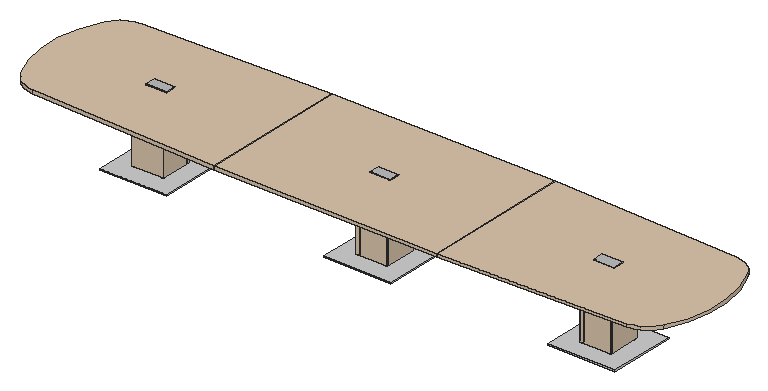
Revit family "Haworth_Planes_ColumnBaseConferenceTable_PebbleThreePiece", category Furniture Systems, Revit 2018
Family settings
  Round Connector Dimension = Use Diameter
  Part Type = Normal
  OmniClass Number = 23.40.70.14.64.21
  OmniClass Title = Systems Furniture
  Work Plane-Based = No
  Always vertical = Yes
  Cut with Voids When Loaded = No
  Shared = No
  Room Calculation Point = No
Parameters (values of type "270w 60d")
  Worksurface Finish [instance] = Haworth _ Laminate _ Maple H-AE
  Worksurface Edge Finish [instance] = Haworth _ Laminate _ Maple H-AE
  Width = 270"
  Warranty = "http://www.haworth.com/resources/product-info/warranties"
  URL - Product = "http://www.haworth.com/products/tables/conference/planes"
  Trim Finish = Haworth _ Laminate _ Maple H-AE
  Sustainability Info = "https://www.haworth.com/company-info/sustainability"
  Opening Single Wide = no
  Opening Single = not(or(Opening Single Wide, Opening Double, Opening Double Wide))  # yes
  Opening Left/Right = not(Opening Center)  # no
  Opening Double Wide = no
  Opening Double = no
  Opening Center = yes
  Model = "TARP"  # constant formula
  Min. Depth = 42"  # constant formula
  Max. Depth = 60"  # constant formula
  URL = "www.haworth.com"
  Support Height = Actual Height - Table Thickness  # 27 13/16"
  Size [instance] = "Verify Final Dim. w/ Haworth"  # constant formula
  Revision Number = "1"  # constant formula
  Min/Max Width = "186-270 @ 6 in. increments"  # constant formula
  Standard Height = "21, 29, 41 in."  # constant formula
  Min. Width = 186"  # constant formula
  Max. Width = 270"  # constant formula
  Min. Height = 21"  # constant formula
  Max. Height = 41"  # constant formula
  Manufacturer = "Haworth"  # constant formula
  Third Width = Actual Width / 6  # 45"
  Height = 29"
  Fliptop Width = Cutout Width + 1/4"  # 8 1/4"
  Fliptop Side Vis. = and(Flip Top, [Opening Left/Right])  # no
  Fliptop Depth = Cutout Depth + 3/8"  # 4 3/8"
  Fliptop Center Vis. = and(Flip Top, Opening Center)  # yes
  Flip Top Finish = Haworth _ Paint _ Metallic Champagne
  Flip Top = yes
  Description = "Haworth Planes Column Base Conference Table - Pebble Three Piece"  # constant formula
  Depth = 60"
  Cutout Width = if(or(Opening Single Wide, Opening Double Wide), 11", 8")  # 8"
  Cutout Side Offset = Actual Width / 12  # 22 1/2"
  Cutout Depth = if(or(Opening Double, Opening Double Wide), 7 11/16", 4")  # 4"
  Custom Size = not(and(or(Depth = 42", Depth = 48", Depth = 54", Depth = 60"), or(Width = 186", Width = 192", Width = 198", Width = 204", Width = 210", Width = 216", Width = 222", Width = 228", Width = 234", Width = 240", Width = 246", Width = 252", Width = 258", Width = 264", Width = 270")))  # no
  Base Finish = Haworth _ Metal _ Brushed Aluminum
  Author = "Haworth (Alias)"  # constant formula
  Assembly Code = "E2020200"
  Actual Width = if(Width > Max. Width, Max. Width, if(Width < Min. Width, Min. Width, Width))  # 270"
  Actual Height = if(Height > Max. Height, Max. Height, if(Height < Min. Height, Min. Height, Height))  # 29"
  Table Thickness = 1 3/16"  # constant formula
  Standard Depths = "42, 48, 54, 60 in."  # constant formula
  Actual Depth = if(Depth > Max. Depth, Max. Depth, if(Depth < Min. Depth, Min. Depth, Depth))  # 60"
Reference planes (in)
  plane 1 "Center F/B": y = 8.84134
  plane 2 "Floor": z = 0
  plane 3 "Center L/R": x = 0
  plane 4 "Table Edge Left": x = -135
  plane 5 "Table Edge Right": x = 135
  plane 6 "Table Edge Back": y = -21.15866
  plane 7 "Table Edge Front": y = 38.84134
  plane 8 "Table Top": z = 29
  plane 9 "masking region": z = 27
  plane 10 "Left Middle Support": x = -90
  plane 11 "Right Middle Support": x = 90
  plane 12: z = 27.8125
  plane 13 "Left Seam": x = -45
  plane 14 "Right Seam": x = 45
  plane 15 "Fliptop Left 1": x = -112.5
  plane 16 "Fliptop Left2": x = -67.5
  plane 17 "Fliptop Left 3": x = -22.5
  plane 18 "Fliptop Right 3": x = 22.5
  plane 19 "Fliptop Right 2": x = 67.5
  plane 20 "Fliptop Right 1": x = 112.5
Dimensions and locks (in)
  "Actual Depth": plane 7 "Table Edge Front" to plane 6 "Table Edge Back"
  "Actual Width": plane 4 "Table Edge Left" to plane 5 "Table Edge Right"
  "Actual Height": plane 8 "Table Top" to level
  "Table Thickness": plane 8 "Table Top" to plane 12
  equal spacing: plane 4 "Table Edge Left", plane 10 "Left Middle Support", plane 13 "Left Seam", plane 3 "Center L/R", plane 14 "Right Seam", plane 11 "Right Middle Support", plane 5 "Table Edge Right"
  equal spacing: plane 7 "Table Edge Front", plane 1 "Center F/B", plane 6 "Table Edge Back"
  "Cutout Side Offset": plane 14 "Right Seam" to plane 19 "Fliptop Right 2"
  "Cutout Side Offset": plane 18 "Fliptop Right 3" to plane 14 "Right Seam"
  "Cutout Side Offset": plane 13 "Left Seam" to plane 17 "Fliptop Left 3"
  "Cutout Side Offset": plane 16 "Fliptop Left2" to plane 13 "Left Seam"
  "Cutout Side Offset": plane 4 "Table Edge Left" to plane 15 "Fliptop Left 1"
  "Cutout Side Offset": plane 20 "Fliptop Right 1" to plane 5 "Table Edge Right"
  aligned and locked: plane 20 "Fliptop Right 1" to nested 3
  aligned and locked: plane 1 "Center F/B" to nested 3
  aligned and locked: nested 2 to plane 11 "Right Middle Support"
  aligned and locked: plane 1 "Center F/B" to nested 2
  aligned and locked: nested 4 to plane 19 "Fliptop Right 2"
  aligned and locked: plane 1 "Center F/B" to nested 4
  aligned and locked: plane 1 "Center F/B" to nested 5
  aligned and locked: plane 18 "Fliptop Right 3" to nested 5
  aligned and locked: plane 3 "Center L/R" to nested 6
  aligned and locked: plane 1 "Center F/B" to nested 6
  aligned and locked: plane 17 "Fliptop Left 3" to nested 7
  aligned and locked: plane 1 "Center F/B" to nested 7
  aligned and locked: plane 16 "Fliptop Left2" to nested 8
  aligned and locked: plane 1 "Center F/B" to nested 8
  aligned and locked: plane 10 "Left Middle Support" to nested 9
  aligned and locked: plane 1 "Center F/B" to nested 9
  aligned and locked: nested 10 to plane 15 "Fliptop Left 1"
  aligned and locked: plane 1 "Center F/B" to nested 10
  aligned and locked: nested 1 to plane 3 "Center L/R"
  aligned and locked: plane 1 "Center F/B" to nested 1
  aligned and locked: nested 1 to plane 2 "Floor"
  aligned and locked: plane 2 "Floor" to nested 11
  aligned and locked: plane 2 "Floor" to nested 13
  aligned and locked: plane 2 "Floor" to nested 12
  aligned and locked: plane 1 "Center F/B" to nested 11
  aligned and locked: nested 11 to plane 11 "Right Middle Support"
  aligned and locked: plane 3 "Center L/R" to nested 12
  aligned and locked: plane 1 "Center F/B" to nested 12
  aligned and locked: plane 10 "Left Middle Support" to nested 13
  aligned and locked: plane 1 "Center F/B" to nested 13
Nested families (in)
  nested 1: "Haworth_Planes_Worksurface_Pebble_3Piece_PART" at (0, -6.15866, 0), type "Worksurface"
  nested 2: "Haworth_Worksurface_FlipTop_Unit_Part" at (89.42963, 8.78886, 29), built-in parameter 1001364 <- "Actual Height", visible <- "Fliptop Center Vis.", type "Flip Top"
  nested 3: "Haworth_Worksurface_FlipTop_Unit_Part" at (111.92963, 8.78886, 29), built-in parameter 1001364 <- "Actual Height", visible <- "Fliptop Side Vis.", type "Flip Top"
  nested 4: "Haworth_Worksurface_FlipTop_Unit_Part" at (66.92963, 8.78886, 29), built-in parameter 1001364 <- "Actual Height", visible <- "Fliptop Side Vis.", type "Flip Top"
  nested 5: "Haworth_Worksurface_FlipTop_Unit_Part" at (21.92963, 8.78886, 29), built-in parameter 1001364 <- "Actual Height", visible <- "Fliptop Side Vis.", type "Flip Top"
  nested 6: "Haworth_Worksurface_FlipTop_Unit_Part" at (-0.57037, 8.78886, 29), built-in parameter 1001364 <- "Actual Height", visible <- "Fliptop Center Vis.", type "Flip Top"
  nested 7: "Haworth_Worksurface_FlipTop_Unit_Part" at (-23.07037, 8.78886, 29), built-in parameter 1001364 <- "Actual Height", visible <- "Fliptop Side Vis.", type "Flip Top"
  nested 8: "Haworth_Worksurface_FlipTop_Unit_Part" at (-68.07037, 8.78886, 29), built-in parameter 1001364 <- "Actual Height", visible <- "Fliptop Side Vis.", type "Flip Top"
  nested 9: "Haworth_Worksurface_FlipTop_Unit_Part" at (-90.57037, 8.78886, 29), built-in parameter 1001364 <- "Actual Height", visible <- "Fliptop Center Vis.", type "Flip Top"
  nested 10: "Haworth_Worksurface_FlipTop_Unit_Part" at (-113.07037, 8.78886, 29), built-in parameter 1001364 <- "Actual Height", visible <- "Fliptop Side Vis.", type "Flip Top"
  nested 11: "Haworth_Planes_ColumnBase_Part" at (90, 5.21634, 0), type "Square"
    with Actual Height 27 13/16"
  nested 12: "Haworth_Planes_ColumnBase_Part" at (0, 5.21634, 0), type "Square"
    with Actual Height 27 13/16"
  nested 13: "Haworth_Planes_ColumnBase_Part" at (-90, 5.21634, 0), type "Square"
    with Actual Height 27 13/16"
Definition of nested family "Haworth_Planes_Worksurface_Pebble_3Piece_PART"
  Parameters (values of type "Worksurface")
    Warranty = "https://www.haworth.com/resources/product-info/warranties"
    URL - Product = ""
    URL = "www.haworth.com"
    Thickness = 1 3/16"
    Table Finish = none
    Table Edge Finish = none
    Revision Number = ""
    Note = "Verify Final Dim. w/ Haworth"  # constant formula
    Manufacturer = "Haworth"  # constant formula
    Depth 60 = and(Actual Depth > 57", Actual Depth < 61")  # yes
    Depth 54 = and(Actual Depth > 51", Actual Depth < 58")  # no
    Depth 48 = and(Actual Depth > 45", Actual Depth < 52")  # no
    Depth 42 = and(Actual Depth > 41", Actual Depth < 46")  # no
    Cutout Width = 8"  # constant formula
    Cutout Dimension = 3"  # constant formula
    Cutout Depth = 4"  # constant formula
    Author = "Haworth (Alias)"  # constant formula
    Assembly Code = ""
    Actual Width = 270"
    Actual Height = 29"
    Actual Depth = 60"
  Reference planes (in)
    plane 1 "Center F/B": y = 15
    plane 2 "Bottom": z = 0
    plane 3 "Center L/R": x = 0
    plane 4 "Table Front": y = 45
    plane 5 "Table Right": x = 135
    plane 6 "Table Left": x = -135
    plane 7 "Table Back": y = -15
    plane 8 "Table Top": z = 29
    plane 9 "Table Bottom": z = 27.8125
    plane 10 "Cutout Top": z = 30
    plane 11 "Cutout Bottom": z = 27
    plane 12 "KnifeEdge Middle": z = 28.625
  Dimensions and locks (in)
    "Actual Depth": plane 7 "Table Back" to plane 4 "Table Front"
    "Actual Width": plane 6 "Table Left" to plane 5 "Table Right"
    equal spacing: plane 6 "Table Left", plane 3 "Center L/R", plane 5 "Table Right"
    equal spacing: plane 4 "Table Front", plane 1 "Center F/B", plane 7 "Table Back"
    "Thickness": plane 8 "Table Top" to plane 9 "Table Bottom"
    "Actual Height": plane 8 "Table Top" to level
    "Cutout Dimension": plane 10 "Cutout Top" to plane 11 "Cutout Bottom"
    plane 10 "Cutout Top" to plane 8 "Table Top" = 1"
    locked: plane 8 "Table Top" to plane 12 "KnifeEdge Middle" at 0.375
    aligned and locked: plane 3 "Center L/R" to nested 2
    aligned and locked: plane 3 "Center L/R" to nested 1
    aligned and locked: plane 3 "Center L/R" to nested 3
    aligned and locked: plane 3 "Center L/R" to nested 4
    aligned and locked: plane 1 "Center F/B" to nested 2
    aligned and locked: plane 1 "Center F/B" to nested 1
    aligned and locked: plane 1 "Center F/B" to nested 3
    aligned and locked: plane 1 "Center F/B" to nested 4
  Nested families (in)
    nested 1: "Haworth_Planes_Worksurface_Pebble54_3Pieces_Part" at (0, 0, 0), visible <- "Depth 54", type "Worksurface"
      with Width 270", Center Cutout Offset 45", Actual Width 270", 270w yes, 186w no
    nested 2: "Haworth_Planes_Worksurface_Pebble60_3Pieces_Part" at (0, 0, 0), visible <- "Depth 60", type "Worksurface"
      with Width 270", Center Cutout Offset 45", Actual Width 270", 270w yes, 186w no
    nested 3: "Haworth_Planes_Worksurface_Pebble48_3Pieces_Part" at (0, 0, 0), visible <- "Depth 48", type "Worksurface"
      with Width 270", Center Cutout Offset 45", Actual Width 270", 270w yes, 186w no
    nested 4: "Haworth_Planes_Worksurface_Pebble42_3Pieces_Part" at (0, 0, 0), visible <- "Depth 42", type "Worksurface"
      with Width 270", Center Cutout Offset 45", Actual Width 270", 270w yes, 186w no
  Definition of nested family "Haworth_Planes_Worksurface_Pebble54_3Pieces_Part"
    Parameters (values of type "Worksurface")
      Width = 180"
      Warranty = "https://www.haworth.com/resources/product-info/warranties"
      URL - Product = ""
      URL = "www.haworth.com"
      Thickness = 1 3/16"
      Table Finish = none
      Table Edge Finish = none
      Revision Number = ""
      Note = "Verify Final Dim. w/ Haworth"  # constant formula
      Min. Width = 186"  # constant formula
      Min. Depth = 54"  # constant formula
      Max. Width = 270"  # constant formula
      Max. Depth = 54"  # constant formula
      Manufacturer = "Haworth"  # constant formula
      Depth = 54"  # constant formula
      Cutout Width = 8"  # constant formula
      Cutout Dimension = 3"  # constant formula
      Cutout Depth = 4"  # constant formula
      Center Cutout Offset = Actual Width / 6  # 31"
      Author = "Haworth (Alias)"  # constant formula
      Assembly Code = ""
      Actual Width = if(Width < Min. Width, Min. Width, if(Width > Max. Width, Max. Width, Width))  # 186"
      Actual Height = 29"
      Actual Depth = if(Depth > Max. Depth, Max. Depth, if(Depth < Min. Depth, Min. Depth, Depth))  # 54"
      270w = and(267" < Actual Width, Actual Width < 271")  # no
      264w = and(261" < Actual Width, Actual Width < 268")  # no
      258w = and(255" < Actual Width, Actual Width < 262")  # no
      252w = and(249" < Actual Width, Actual Width < 256")  # no
      246w = and(243" < Actual Width, Actual Width < 250")  # no
      240w = and(237" < Actual Width, Actual Width < 244")  # no
      234w = and(231" < Actual Width, Actual Width < 238")  # no
      228w = and(225" < Actual Width, Actual Width < 232")  # no
      222w = and(219" < Actual Width, Actual Width < 226")  # no
      216w = and(213" < Actual Width, Actual Width < 220")  # no
      210w = and(207" < Actual Width, Actual Width < 214")  # no
      204w = and(201" < Actual Width, Actual Width < 208")  # no
      198w = and(195" < Actual Width, Actual Width < 202")  # no
      192w = and(189" < Actual Width, Actual Width < 196")  # no
      186w = and(185" < Actual Width, Actual Width < 190")  # yes
    Reference planes (in)
      plane 1 "Center F/B": y = 15
      plane 2 "Bottom": z = 0
      plane 3 "Center L/R": x = 0
      plane 4 "Table Top": z = 29
      plane 5 "Table Bottom": z = 27.8125
      plane 6 "Cutout Top": z = 30
      plane 7 "Cutout Bottom": z = 27
      plane 8 "KnifeEdge Middle": z = 28.625
    Forms (in)
      Extrusion 1, solid, material <- "Table Finish", visible <- "186w"
        sketch origin (-305.97381, -90.60307, 0) x (1, 0, 0) y (0, 1, 0)
          loop
            arc (226.58168, 81.28787) -> (250.82287, 79.35532) -> (275.13381, 78.76561) r 439.79367
            line (275.13381, 78.76561) -> (275.13381, 132.44053)
            arc (275.13381, 132.44053) -> (250.82287, 131.85082) -> (226.58168, 129.91827) r 439.79367
            arc (226.58168, 129.91827) -> (220.63545, 127.56442) -> (216.74271, 122.49047) r 12
            arc (216.74271, 122.49047) -> (213.45381, 105.60307) -> (216.74271, 88.71567) r 45
            arc (216.74271, 88.71567) -> (220.63545, 83.64172) -> (226.58168, 81.28787) r 12
          loop
            arc (336.81381, 78.76561) -> (361.12475, 79.35532) -> (385.36594, 81.28787) r 439.79367
            arc (385.36594, 81.28787) -> (391.31218, 83.64172) -> (395.20491, 88.71567) r 12
            arc (395.20491, 88.71567) -> (398.49381, 105.60307) -> (395.20491, 122.49047) r 45
            arc (395.20491, 122.49047) -> (391.31218, 127.56442) -> (385.36594, 129.91827) r 12
            arc (385.36594, 129.91827) -> (361.12475, 131.85082) -> (336.81381, 132.44053) r 439.79367
            line (336.81381, 132.44053) -> (336.81381, 78.76561)
        from 27.8125 to 29
      Extrusion 2, solid, material <- "Table Finish", visible <- "192w"
        sketch origin (-305.63818, -149.45142, 0) x (1, 0, 0) y (0, 1, 0)
          loop
            arc (213.4076, 181.34011) -> (210.11818, 164.45142) -> (213.4076, 147.56274) r 45
            arc (213.4076, 147.56274) -> (217.32199, 142.47272) -> (223.30033, 140.1296) r 12
            arc (223.30033, 140.1296) -> (248.51597, 138.20359) -> (273.79818, 137.61377) r 478.03208
            line (273.79818, 137.61377) -> (273.79818, 191.28908)
            arc (273.79818, 191.28908) -> (248.51597, 190.69926) -> (223.30033, 188.77325) r 478.03208
            arc (223.30033, 188.77325) -> (217.32199, 186.43013) -> (213.4076, 181.34011) r 12
          loop
            arc (337.47818, 137.61377) -> (362.76039, 138.20359) -> (387.97603, 140.1296) r 478.03208
            arc (387.97603, 140.1296) -> (393.95437, 142.47272) -> (397.86876, 147.56274) r 12
            arc (397.86876, 147.56274) -> (401.15818, 164.45142) -> (397.86876, 181.34011) r 45
            arc (397.86876, 181.34011) -> (393.95437, 186.43013) -> (387.97603, 188.77325) r 12
            arc (387.97603, 188.77325) -> (362.76039, 190.69926) -> (337.47818, 191.28908) r 478.03208
            line (337.47818, 191.28908) -> (337.47818, 137.61377)
        from 27.8125 to 29
      Extrusion 3, solid, material <- "Table Finish", visible <- "198w"
        sketch origin (-305.63818, -205.71285, 0) x (1, 0, 0) y (0, 1, 0)
          loop
            arc (210.40796, 237.60241) -> (207.11818, 220.71285) -> (210.40796, 203.82329) r 45
            arc (210.40796, 203.82329) -> (214.34224, 198.71852) -> (220.35005, 196.38539) r 12
            arc (220.35005, 196.38539) -> (246.54228, 194.46504) -> (272.79818, 193.87501) r 517.86972
            line (272.79818, 193.87501) -> (272.79818, 247.55069)
            arc (272.79818, 247.55069) -> (246.54228, 246.96066) -> (220.35005, 245.04031) r 517.86972
            arc (220.35005, 245.04031) -> (214.34224, 242.70719) -> (210.40796, 237.60241) r 12
          loop
            arc (338.47818, 193.87501) -> (364.73408, 194.46504) -> (390.92631, 196.38539) r 517.86972
            arc (390.92631, 196.38539) -> (396.93412, 198.71852) -> (400.8684, 203.82329) r 12
            arc (400.8684, 203.82329) -> (404.15818, 220.71285) -> (400.8684, 237.60241) r 45
            arc (400.8684, 237.60241) -> (396.93412, 242.70719) -> (390.92631, 245.04031) r 12
            arc (390.92631, 245.04031) -> (364.73408, 246.96066) -> (338.47818, 247.55069) r 517.86972
            line (338.47818, 247.55069) -> (338.47818, 193.87501)
        from 27.8125 to 29
      Extrusion 4, solid, material <- "Table Finish", visible <- "204w"
        sketch origin (-304.79798, -262.814, 0) x (1, 0, 0) y (0, 1, 0)
          loop
            arc (206.56798, 294.70412) -> (203.27798, 277.814) -> (206.56798, 260.92388) r 45
            arc (206.56798, 260.92388) -> (210.5206, 255.80552) -> (216.55557, 253.48172) r 12
            arc (216.55557, 253.48172) -> (243.72626, 251.56632) -> (270.95798, 250.97601) r 559.30658
            line (270.95798, 250.97601) -> (270.95798, 304.65199)
            arc (270.95798, 304.65199) -> (243.72626, 304.06168) -> (216.55557, 302.14628) r 559.30658
            arc (216.55557, 302.14628) -> (210.5206, 299.82248) -> (206.56798, 294.70412) r 12
          loop
            arc (338.63798, 250.97601) -> (365.86969, 251.56632) -> (393.04038, 253.48172) r 559.30658
            arc (393.04038, 253.48172) -> (399.07535, 255.80552) -> (403.02797, 260.92388) r 12
            arc (403.02797, 260.92388) -> (406.31798, 277.814) -> (403.02797, 294.70412) r 45
            arc (403.02797, 294.70412) -> (399.07535, 299.82248) -> (393.04038, 302.14628) r 12
            arc (393.04038, 302.14628) -> (365.86969, 304.06168) -> (338.63798, 304.65199) r 559.30658
            line (338.63798, 304.65199) -> (338.63798, 250.97601)
        from 27.8125 to 29
      Extrusion 5, solid, material <- "Table Finish", visible <- "210w"
        sketch origin (-304.79798, -318.65556, 0) x (1, 0, 0) y (0, 1, 0)
          loop
            arc (203.5681, 350.54598) -> (200.27798, 333.65556) -> (203.5681, 316.76515) r 45
            arc (203.5681, 316.76515) -> (207.5377, 311.63421) -> (213.59778, 309.31913) r 12
            arc (213.59778, 309.31913) -> (241.74857, 307.40808) -> (269.95798, 306.81743) r 602.34267
            line (269.95798, 306.81743) -> (269.95798, 360.4937)
            arc (269.95798, 360.4937) -> (241.74857, 359.90305) -> (213.59778, 357.99199) r 602.34267
            arc (213.59778, 357.99199) -> (207.5377, 355.67691) -> (203.5681, 350.54598) r 12
          loop
            arc (339.63798, 306.81743) -> (367.84738, 307.40808) -> (395.99818, 309.31913) r 602.34267
            arc (395.99818, 309.31913) -> (402.05826, 311.63421) -> (406.02785, 316.76515) r 12
            arc (406.02785, 316.76515) -> (409.31798, 333.65556) -> (406.02785, 350.54598) r 45
            arc (406.02785, 350.54598) -> (402.05826, 355.67691) -> (395.99818, 357.99199) r 12
            arc (395.99818, 357.99199) -> (367.84738, 359.90305) -> (339.63798, 360.4937) r 602.34267
            line (339.63798, 360.4937) -> (339.63798, 306.81743)
        from 27.8125 to 29
      Extrusion 6, solid, material <- "Table Finish", visible <- "216w"
        sketch origin (-304.80652, -375, 0) x (1, 0, 0) y (0, 1, 0)
          loop
            arc (200.57668, 406.45979) -> (197.28652, 389.56928) -> (200.57668, 372.67878) r 45
            arc (200.57668, 372.67878) -> (204.56202, 367.53619) -> (210.6454, 365.22928) r 12
            arc (210.6454, 365.22928) -> (239.77777, 363.32205) -> (268.96652, 362.73102) r 646.97799
            line (268.96652, 362.73102) -> (268.96652, 416.40754)
            arc (268.96652, 416.40754) -> (239.77777, 415.81651) -> (210.6454, 413.90928) r 646.97799
            arc (210.6454, 413.90928) -> (204.56202, 411.60238) -> (200.57668, 406.45979) r 12
          loop
            arc (340.64652, 362.73102) -> (369.83527, 363.32205) -> (398.96764, 365.22928) r 646.97799
            arc (398.96764, 365.22928) -> (405.05101, 367.53619) -> (409.03636, 372.67878) r 12
            arc (409.03636, 372.67878) -> (412.32652, 389.56928) -> (409.03636, 406.45979) r 45
            arc (409.03636, 406.45979) -> (405.05101, 411.60238) -> (398.96764, 413.90928) r 12
            arc (398.96764, 413.90928) -> (369.83527, 415.81651) -> (340.64652, 416.40754) r 646.97799
            line (340.64652, 416.40754) -> (340.64652, 362.73102)
        from 27.8125 to 29
      Extrusion 7, solid, material <- "Table Finish", visible <- "222w"
        sketch origin (-303.79135, -430.76939, 0) x (1, 0, 0) y (0, 1, 0)
          loop
            arc (196.56148, 462.65981) -> (193.27135, 445.76939) -> (196.56148, 428.87896) r 45
            arc (196.56148, 428.87896) -> (200.56149, 423.72553) -> (206.66652, 421.4263) r 12
            arc (206.66652, 421.4263) -> (236.78178, 419.52245) -> (266.95135, 418.93101) r 693.21253
            line (266.95135, 418.93101) -> (266.95135, 472.60776)
            arc (266.95135, 472.60776) -> (236.78178, 472.01632) -> (206.66652, 470.11248) r 693.21253
            arc (206.66652, 470.11248) -> (200.56149, 467.81325) -> (196.56148, 462.65981) r 12
          loop
            arc (340.63135, 418.93101) -> (370.80093, 419.52245) -> (400.91618, 421.4263) r 693.21253
            arc (400.91618, 421.4263) -> (407.02122, 423.72553) -> (411.02123, 428.87896) r 12
            arc (411.02123, 428.87896) -> (414.31135, 445.76939) -> (411.02123, 462.65981) r 45
            arc (411.02123, 462.65981) -> (407.02122, 467.81325) -> (400.91618, 470.11248) r 12
            arc (400.91618, 470.11248) -> (370.80093, 472.01632) -> (340.63135, 472.60776) r 693.21253
            line (340.63135, 472.60776) -> (340.63135, 418.93101)
        from 27.8125 to 29
      Extrusion 8, solid, material <- "Table Finish", visible <- "228w"
        sketch origin (-303.59217, -487.22586, 0) x (1, 0, 0) y (0, 1, 0)
          loop
            arc (193.36221, 519.11607) -> (190.07217, 502.22586) -> (193.36221, 485.33564) r 45
            arc (193.36221, 485.33564) -> (197.3759, 480.1721) -> (203.50114, 477.88009) r 12
            arc (203.50114, 477.88009) -> (234.60045, 475.97925) -> (265.75217, 475.38738) r 741.0463
            line (265.75217, 475.38738) -> (265.75217, 529.06434)
            arc (265.75217, 529.06434) -> (234.60045, 528.47246) -> (203.50114, 526.57163) r 741.0463
            arc (203.50114, 526.57163) -> (197.3759, 524.27962) -> (193.36221, 519.11607) r 12
          loop
            arc (341.43217, 475.38738) -> (372.58389, 475.97925) -> (403.6832, 477.88009) r 741.0463
            arc (403.6832, 477.88009) -> (409.80844, 480.1721) -> (413.82213, 485.33564) r 12
            arc (413.82213, 485.33564) -> (417.11217, 502.22586) -> (413.82213, 519.11607) r 45
            arc (413.82213, 519.11607) -> (409.80844, 524.27962) -> (403.6832, 526.57163) r 12
            arc (403.6832, 526.57163) -> (372.58389, 528.47246) -> (341.43217, 529.06434) r 741.0463
            line (341.43217, 529.06434) -> (341.43217, 475.38738)
        from 27.8125 to 29
      Extrusion 9, solid, material <- "Table Finish", visible <- "234w"
        sketch origin (-302.7499, -543.20476, 0) x (1, 0, 0) y (0, 1, 0)
          loop
            arc (189.51981, 575.09466) -> (186.2299, 558.20476) -> (189.51981, 541.31486) r 45
            arc (189.51981, 541.31486) -> (193.54629, 536.14186) -> (199.69042, 533.85667) r 12
            arc (199.69042, 533.85667) -> (231.77484, 531.95851) -> (263.9099, 531.36619) r 790.4793
            line (263.9099, 531.36619) -> (263.9099, 585.04333)
            arc (263.9099, 585.04333) -> (231.77484, 584.45101) -> (199.69042, 582.55286) r 790.4793
            arc (199.69042, 582.55286) -> (193.54629, 580.26766) -> (189.51981, 575.09466) r 12
          loop
            arc (341.5899, 531.36619) -> (373.72496, 531.95851) -> (405.80938, 533.85667) r 790.4793
            arc (405.80938, 533.85667) -> (411.95351, 536.14186) -> (415.97998, 541.31486) r 12
            arc (415.97998, 541.31486) -> (419.2699, 558.20476) -> (415.97998, 575.09466) r 45
            arc (415.97998, 575.09466) -> (411.95351, 580.26766) -> (405.80938, 582.55286) r 12
            arc (405.80938, 582.55286) -> (373.72496, 584.45101) -> (341.5899, 585.04333) r 790.4793
            line (341.5899, 585.04333) -> (341.5899, 531.36619)
        from 27.8125 to 29
      Extrusion 10, solid, material <- "Table Finish", visible <- "240w"
        sketch origin (-303.14346, -599.15381, 0) x (1, 0, 0) y (0, 1, 0)
          loop
            arc (186.91321, 631.0433) -> (183.62346, 614.15381) -> (186.91321, 597.26432) r 45
            arc (186.91321, 597.26432) -> (190.95169, 592.08246) -> (197.11352, 589.80369) r 12
            arc (197.11352, 589.80369) -> (230.184, 587.90793) -> (263.30346, 587.31515) r 841.51153
            line (263.30346, 587.31515) -> (263.30346, 640.99247)
            arc (263.30346, 640.99247) -> (230.184, 640.39969) -> (197.11352, 638.50393) r 841.51153
            arc (197.11352, 638.50393) -> (190.95169, 636.22516) -> (186.91321, 631.0433) r 12
          loop
            arc (342.98346, 587.31515) -> (376.10293, 587.90793) -> (409.17341, 589.80369) r 841.51153
            arc (409.17341, 589.80369) -> (415.33524, 592.08246) -> (419.37371, 597.26432) r 12
            arc (419.37371, 597.26432) -> (422.66346, 614.15381) -> (419.37371, 631.0433) r 45
            arc (419.37371, 631.0433) -> (415.33524, 636.22516) -> (409.17341, 638.50393) r 12
            arc (409.17341, 638.50393) -> (376.10293, 640.39969) -> (342.98346, 640.99247) r 841.51153
            line (342.98346, 640.99247) -> (342.98346, 587.31515)
        from 27.8125 to 29
      Extrusion 11, solid, material <- "Table Finish", visible <- "246w"
        sketch origin (-302.15763, -660.53693, 0) x (1, 0, 0) y (0, 1, 0)
          loop
            arc (182.92719, 692.42595) -> (179.63763, 675.53693) -> (182.92719, 658.64791) r 45
            arc (182.92719, 658.64791) -> (186.97693, 653.45773) -> (193.15538, 651.18504) r 12
            arc (193.15538, 651.18504) -> (227.21279, 649.29143) -> (261.31763, 648.6982) r 894.14298
            line (261.31763, 648.6982) -> (261.31763, 702.37567)
            arc (261.31763, 702.37567) -> (227.21279, 701.78243) -> (193.15538, 699.88882) r 894.14298
            arc (193.15538, 699.88882) -> (186.97693, 697.61613) -> (182.92719, 692.42595) r 12
          loop
            arc (342.99763, 648.6982) -> (377.10248, 649.29143) -> (411.15988, 651.18504) r 894.14298
            arc (411.15988, 651.18504) -> (417.33833, 653.45773) -> (421.38807, 658.64791) r 12
            arc (421.38807, 658.64791) -> (424.67763, 675.53693) -> (421.38807, 692.42595) r 45
            arc (421.38807, 692.42595) -> (417.33833, 697.61613) -> (411.15988, 699.88882) r 12
            arc (411.15988, 699.88882) -> (377.10248, 701.78243) -> (342.99763, 702.37567) r 894.14298
            line (342.99763, 702.37567) -> (342.99763, 648.6982)
        from 27.8125 to 29
      Extrusion 12, solid, material <- "Table Finish", visible <- "252w"
        sketch origin (-303.51172, -719.4057, 0) x (1, 0, 0) y (0, 1, 0)
          loop
            arc (181.28106, 751.29419) -> (177.99172, 734.4057) -> (181.28106, 717.5172) r 45
            arc (181.28106, 717.5172) -> (185.34141, 712.31919) -> (191.5355, 710.05226) r 12
            arc (191.5355, 710.05226) -> (226.58061, 708.16059) -> (261.67172, 707.56689) r 948.37366
            line (261.67172, 707.56689) -> (261.67172, 761.2445)
            arc (261.67172, 761.2445) -> (226.58061, 760.6508) -> (191.5355, 758.75913) r 948.37366
            arc (191.5355, 758.75913) -> (185.34141, 756.4922) -> (181.28106, 751.29419) r 12
          loop
            arc (345.35172, 707.56689) -> (380.44282, 708.16059) -> (415.48793, 710.05226) r 948.37366
            arc (415.48793, 710.05226) -> (421.68202, 712.31919) -> (425.74237, 717.5172) r 12
            arc (425.74237, 717.5172) -> (429.03172, 734.4057) -> (425.74237, 751.29419) r 45
            arc (425.74237, 751.29419) -> (421.68202, 756.4922) -> (415.48793, 758.75913) r 12
            arc (415.48793, 758.75913) -> (380.44282, 760.6508) -> (345.35172, 761.2445) r 948.37366
            line (345.35172, 761.2445) -> (345.35172, 707.56689)
        from 27.8125 to 29
      Extrusion 13, solid, material <- "Table Finish", visible <- "258w"
        sketch origin (-301.48059, -778.27446, 0) x (1, 0, 0) y (0, 1, 0)
          loop
            arc (176.24971, 810.16239) -> (172.96059, 793.27446) -> (176.24971, 776.38654) r 45
            arc (176.24971, 776.38654) -> (180.32006, 771.18115) -> (186.52889, 768.91968) r 12
            arc (186.52889, 768.91968) -> (222.56242, 767.02975) -> (258.64059, 766.43559) r 1004.20356
            line (258.64059, 766.43559) -> (258.64059, 820.11333)
            arc (258.64059, 820.11333) -> (222.56242, 819.51917) -> (186.52889, 817.62925) r 1004.20356
            arc (186.52889, 817.62925) -> (180.32006, 815.36778) -> (176.24971, 810.16239) r 12
          loop
            arc (344.32059, 766.43559) -> (380.39876, 767.02975) -> (416.43229, 768.91968) r 1004.20356
            arc (416.43229, 768.91968) -> (422.64113, 771.18115) -> (426.71148, 776.38654) r 12
            arc (426.71148, 776.38654) -> (430.00059, 793.27446) -> (426.71148, 810.16239) r 45
            arc (426.71148, 810.16239) -> (422.64113, 815.36778) -> (416.43229, 817.62925) r 12
            arc (416.43229, 817.62925) -> (380.39876, 819.51917) -> (344.32059, 820.11333) r 1004.20356
            line (344.32059, 820.11333) -> (344.32059, 766.43559)
        from 27.8125 to 29
      Extrusion 14, solid, material <- "Table Finish", visible <- "264w"
        sketch origin (-300.95179, -836.17506, 0) x (1, 0, 0) y (0, 1, 0)
          loop
            arc (172.72066, 868.06239) -> (169.43179, 851.17506) -> (172.72066, 834.28773) r 45
            arc (172.72066, 834.28773) -> (176.80046, 829.07537) -> (183.02321, 826.8191) r 12
            arc (183.02321, 826.8191) -> (220.04582, 824.93075) -> (257.11179, 824.33613) r 1061.63269
            line (257.11179, 824.33613) -> (257.11179, 878.01399)
            arc (257.11179, 878.01399) -> (220.04582, 877.41937) -> (183.02321, 875.53102) r 1061.63269
            arc (183.02321, 875.53102) -> (176.80046, 873.27474) -> (172.72066, 868.06239) r 12
          loop
            arc (344.79179, 824.33613) -> (381.85775, 824.93075) -> (418.88036, 826.8191) r 1061.63269
            arc (418.88036, 826.8191) -> (425.10312, 829.07537) -> (429.18291, 834.28773) r 12
            arc (429.18291, 834.28773) -> (432.47179, 851.17506) -> (429.18291, 868.06239) r 45
            arc (429.18291, 868.06239) -> (425.10312, 873.27474) -> (418.88036, 875.53102) r 12
            arc (418.88036, 875.53102) -> (381.85775, 877.41937) -> (344.79179, 878.01399) r 1061.63269
            line (344.79179, 878.01399) -> (344.79179, 824.33613)
        from 27.8125 to 29
      Extrusion 15, solid, material <- "Table Finish", visible <- "270w"
        sketch origin (-300.83545, -897.80155, 0) x (1, 0, 0) y (0, 1, 0)
          loop
            arc (169.60407, 929.68825) -> (166.31545, 912.80155) -> (169.60407, 895.91485) r 45
            arc (169.60407, 895.91485) -> (173.69281, 890.6959) -> (179.92873, 888.44456) r 12
            arc (179.92873, 888.44456) -> (217.94102, 886.55764) -> (255.99545, 885.96256) r 1120.66105
            line (255.99545, 885.96256) -> (255.99545, 939.64053)
            arc (255.99545, 939.64053) -> (217.94102, 939.04546) -> (179.92873, 937.15854) r 1120.66105
            arc (179.92873, 937.15854) -> (173.69281, 934.9072) -> (169.60407, 929.68825) r 12
          loop
            arc (345.67545, 885.96256) -> (383.72989, 886.55764) -> (421.74218, 888.44456) r 1120.66105
            arc (421.74218, 888.44456) -> (427.9781, 890.6959) -> (432.06683, 895.91485) r 12
            arc (432.06683, 895.91485) -> (435.35545, 912.80155) -> (432.06683, 929.68825) r 45
            arc (432.06683, 929.68825) -> (427.9781, 934.9072) -> (421.74218, 937.15854) r 12
            arc (421.74218, 937.15854) -> (383.72989, 939.04546) -> (345.67545, 939.64053) r 1120.66105
            line (345.67545, 939.64053) -> (345.67545, 885.96256)
        from 27.8125 to 29
      Extrusion 16, solid, material <- "Table Finish", visible <- "186w"
        sketch origin (-305.97381, -90.60307, 0) x (1, 0, 0) y (0, 1, 0)
          loop
            line (275.13381, 132.44053) -> (275.13381, 78.76561) -> (336.81381, 78.76561) -> (336.81381, 132.44053) -> (275.13381, 132.44053)
        from 27.8125 to 29
      Extrusion 17, solid, material <- "Table Finish", visible <- "192w"
        sketch origin (-305.63818, -149.45142, 0) x (1, 0, 0) y (0, 1, 0)
          loop
            line (273.79818, 191.28908) -> (273.79818, 137.61377) -> (337.47818, 137.61377) -> (337.47818, 191.28908) -> (273.79818, 191.28908)
        from 27.8125 to 29
      Extrusion 18, solid, material <- "Table Finish", visible <- "198w"
        sketch origin (-305.63818, -205.71285, 0) x (1, 0, 0) y (0, 1, 0)
          loop
            line (272.79818, 247.55069) -> (272.79818, 193.87501) -> (338.47818, 193.87501) -> (338.47818, 247.55069) -> (272.79818, 247.55069)
        from 27.8125 to 29
      Extrusion 19, solid, material <- "Table Finish", visible <- "204w"
        sketch origin (-304.79798, -262.814, 0) x (1, 0, 0) y (0, 1, 0)
          loop
            line (270.95798, 304.65199) -> (270.95798, 250.97601) -> (338.63798, 250.97601) -> (338.63798, 304.65199) -> (270.95798, 304.65199)
        from 27.8125 to 29
      Extrusion 20, solid, material <- "Table Finish", visible <- "210w"
        sketch origin (-304.79798, -318.65556, 0) x (1, 0, 0) y (0, 1, 0)
          loop
            line (269.95798, 360.4937) -> (269.95798, 306.81743) -> (339.63798, 306.81743) -> (339.63798, 360.4937) -> (269.95798, 360.4937)
        from 27.8125 to 29
      Extrusion 21, solid, material <- "Table Finish", visible <- "216w"
        sketch origin (-304.80652, -375, 0) x (1, 0, 0) y (0, 1, 0)
          loop
            line (268.96652, 416.40754) -> (268.96652, 362.73102) -> (340.64652, 362.73102) -> (340.64652, 416.40754) -> (268.96652, 416.40754)
        from 27.8125 to 29
      Extrusion 22, solid, material <- "Table Finish", visible <- "222w"
        sketch origin (-303.79135, -430.76939, 0) x (1, 0, 0) y (0, 1, 0)
          loop
            line (266.95135, 472.60776) -> (266.95135, 418.93101) -> (340.63135, 418.93101) -> (340.63135, 472.60776) -> (266.95135, 472.60776)
        from 27.8125 to 29
      Extrusion 23, solid, material <- "Table Finish", visible <- "228w"
        sketch origin (-303.59217, -487.22586, 0) x (1, 0, 0) y (0, 1, 0)
          loop
            line (265.75217, 529.06434) -> (265.75217, 475.38738) -> (341.43217, 475.38738) -> (341.43217, 529.06434) -> (265.75217, 529.06434)
        from 27.8125 to 29
      Extrusion 24, solid, material <- "Table Finish", visible <- "234w"
        sketch origin (-302.7499, -543.20476, 0) x (1, 0, 0) y (0, 1, 0)
          loop
            line (263.9099, 585.04333) -> (263.9099, 531.36619) -> (341.5899, 531.36619) -> (341.5899, 585.04333) -> (263.9099, 585.04333)
        from 27.8125 to 29
      Extrusion 25, solid, material <- "Table Finish", visible <- "240w"
        sketch origin (-303.14346, -599.15381, 0) x (1, 0, 0) y (0, 1, 0)
          loop
            line (263.30346, 640.99247) -> (263.30346, 587.31515) -> (342.98346, 587.31515) -> (342.98346, 640.99247) -> (263.30346, 640.99247)
        from 27.8125 to 29
      Extrusion 26, solid, material <- "Table Finish", visible <- "246w"
        sketch origin (-302.15763, -660.53693, 0) x (1, 0, 0) y (0, 1, 0)
          loop
            line (261.31763, 702.37567) -> (261.31763, 648.6982) -> (342.99763, 648.6982) -> (342.99763, 702.37567) -> (261.31763, 702.37567)
        from 27.8125 to 29
      Extrusion 27, solid, material <- "Table Finish", visible <- "252w"
        sketch origin (-303.51172, -719.4057, 0) x (1, 0, 0) y (0, 1, 0)
          loop
            line (261.67172, 761.2445) -> (261.67172, 707.56689) -> (345.35172, 707.56689) -> (345.35172, 761.2445) -> (261.67172, 761.2445)
        from 27.8125 to 29
      Extrusion 28, solid, material <- "Table Finish", visible <- "258w"
        sketch origin (-301.48059, -778.27446, 0) x (1, 0, 0) y (0, 1, 0)
          loop
            line (258.64059, 820.11333) -> (258.64059, 766.43559) -> (344.32059, 766.43559) -> (344.32059, 820.11333) -> (258.64059, 820.11333)
        from 27.8125 to 29
      Extrusion 29, solid, material <- "Table Finish", visible <- "264w"
        sketch origin (-300.95179, -836.17506, 0) x (1, 0, 0) y (0, 1, 0)
          loop
            line (257.11179, 878.01399) -> (257.11179, 824.33613) -> (344.79179, 824.33613) -> (344.79179, 878.01399) -> (257.11179, 878.01399)
        from 27.8125 to 29
      Extrusion 30, solid, material <- "Table Finish", visible <- "270w"
        sketch origin (-300.83545, -897.80155, 0) x (1, 0, 0) y (0, 1, 0)
          loop
            line (255.99545, 939.64053) -> (255.99545, 885.96256) -> (345.67545, 885.96256) -> (345.67545, 939.64053) -> (255.99545, 939.64053)
        from 27.8125 to 29
    Lines and regions (in)
      Masking region 1, visible <- "186w"
        outline origin (-305.97381, -90.60307, 0) x (1, 0, 0) y (0, 1, 0)
          loop
            arc (226.81269, 81.26307) -> (250.18991, 79.38866) -> (273.63381, 78.76307) r 439.79367
            line (273.63381, 78.76307) -> (338.31381, 78.76307)
            arc (338.31381, 78.76307) -> (361.75771, 79.38866) -> (385.13493, 81.26307) r 439.79367
            arc (385.13493, 81.26307) -> (391.2183, 83.56998) -> (395.20365, 88.71256) r 12
            arc (395.20365, 88.71256) -> (398.49381, 105.60307) -> (395.20365, 122.49357) r 45
            arc (395.20365, 122.49357) -> (391.2183, 127.63616) -> (385.13493, 129.94307) r 12
            arc (385.13493, 129.94307) -> (361.75772, 131.81748) -> (338.31382, 132.44307) r 439.79367
            line (338.31382, 132.44307) -> (273.6338, 132.44307)
            arc (273.6338, 132.44307) -> (250.18991, 131.81748) -> (226.81269, 129.94307) r 439.79367
            arc (226.81269, 129.94307) -> (220.72932, 127.63616) -> (216.74397, 122.49357) r 12
            arc (216.74397, 122.49357) -> (213.45381, 105.60307) -> (216.74397, 88.71256) r 45
            arc (216.74397, 88.71256) -> (220.72932, 83.56998) -> (226.81269, 81.26307) r 12
      Masking region 2, visible <- "192w"
        outline origin (-305.63818, -149.45142, 0) x (1, 0, 0) y (0, 1, 0)
          loop
            arc (213.40834, 181.34193) -> (210.11818, 164.45142) -> (213.40834, 147.56092) r 45
            arc (213.40834, 147.56092) -> (217.39369, 142.41833) -> (223.47706, 140.11142) r 12
            arc (223.47706, 140.11142) -> (247.85564, 138.23694) -> (272.29818, 137.61142) r 478.03208
            line (272.29818, 137.61142) -> (338.97818, 137.61142)
            arc (338.97818, 137.61142) -> (363.42072, 138.23694) -> (387.7993, 140.11142) r 478.03208
            arc (387.7993, 140.11142) -> (393.88267, 142.41833) -> (397.86802, 147.56092) r 12
            arc (397.86802, 147.56092) -> (401.15818, 164.45142) -> (397.86802, 181.34193) r 45
            arc (397.86802, 181.34193) -> (393.88267, 186.48452) -> (387.7993, 188.79142) r 12
            arc (387.7993, 188.79142) -> (363.42073, 190.66591) -> (338.97819, 191.29142) r 478.03208
            line (338.97819, 191.29142) -> (272.29817, 191.29142)
            arc (272.29817, 191.29142) -> (247.85564, 190.66591) -> (223.47706, 188.79142) r 478.03208
            arc (223.47706, 188.79142) -> (217.39369, 186.48452) -> (213.40834, 181.34193) r 12
      Masking region 3, visible <- "198w"
        outline origin (-305.63818, -205.71285, 0) x (1, 0, 0) y (0, 1, 0)
          loop
            arc (210.40834, 237.60335) -> (207.11818, 220.71285) -> (210.40834, 203.82235) r 45
            arc (210.40834, 203.82235) -> (214.39369, 198.67976) -> (220.47706, 196.37285) r 12
            arc (220.47706, 196.37285) -> (245.85843, 194.49823) -> (271.30125, 193.87285) r 517.86972
            line (271.30125, 193.87285) -> (339.97511, 193.87285)
            arc (339.97511, 193.87285) -> (365.41793, 194.49823) -> (390.7993, 196.37285) r 517.86972
            arc (390.7993, 196.37285) -> (396.88267, 198.67976) -> (400.86802, 203.82235) r 12
            arc (400.86802, 203.82235) -> (404.15818, 220.71285) -> (400.86802, 237.60335) r 45
            arc (400.86802, 237.60335) -> (396.88267, 242.74594) -> (390.7993, 245.05285) r 12
            arc (390.7993, 245.05285) -> (365.41793, 246.92747) -> (339.97511, 247.55285) r 517.86972
            line (339.97511, 247.55285) -> (271.30125, 247.55285)
            arc (271.30125, 247.55285) -> (245.85843, 246.92747) -> (220.47706, 245.05285) r 517.86972
            arc (220.47706, 245.05285) -> (214.39369, 242.74594) -> (210.40834, 237.60335) r 12
      Masking region 4, visible <- "204w"
        outline origin (-304.79798, -262.814, 0) x (1, 0, 0) y (0, 1, 0)
          loop
            arc (206.56813, 294.7045) -> (203.27798, 277.814) -> (206.56813, 260.9235) r 45
            arc (206.56813, 260.9235) -> (210.55348, 255.78091) -> (216.63685, 253.474) r 12
            arc (216.63685, 253.474) -> (243.01885, 251.59935) -> (269.45998, 250.974) r 559.30658
            line (269.45998, 250.974) -> (340.13597, 250.974)
            arc (340.13597, 250.974) -> (366.5771, 251.59935) -> (392.9591, 253.474) r 559.30658
            arc (392.9591, 253.474) -> (399.04247, 255.78091) -> (403.02782, 260.9235) r 12
            arc (403.02782, 260.9235) -> (406.31798, 277.814) -> (403.02782, 294.7045) r 45
            arc (403.02782, 294.7045) -> (399.04247, 299.84709) -> (392.9591, 302.154) r 12
            arc (392.9591, 302.154) -> (366.5771, 304.02865) -> (340.13597, 304.654) r 559.30658
            line (340.13597, 304.654) -> (269.45998, 304.654)
            arc (269.45998, 304.654) -> (243.01885, 304.02865) -> (216.63685, 302.154) r 559.30658
            arc (216.63685, 302.154) -> (210.55348, 299.84709) -> (206.56813, 294.7045) r 12
      Masking region 5, visible <- "210w"
        outline origin (-304.79798, -318.65556, 0) x (1, 0, 0) y (0, 1, 0)
          loop
            arc (203.56813, 350.54607) -> (200.27798, 333.65556) -> (203.56813, 316.76506) r 45
            arc (203.56813, 316.76506) -> (207.55348, 311.62247) -> (213.63685, 309.31556) r 12
            arc (213.63685, 309.31556) -> (241.01942, 307.44089) -> (268.45896, 306.81556) r 602.34267
            line (268.45896, 306.81556) -> (341.13699, 306.81556)
            arc (341.13699, 306.81556) -> (368.57653, 307.44089) -> (395.9591, 309.31556) r 602.34267
            arc (395.9591, 309.31556) -> (402.04247, 311.62247) -> (406.02782, 316.76506) r 12
            arc (406.02782, 316.76506) -> (409.31798, 333.65556) -> (406.02782, 350.54607) r 45
            arc (406.02782, 350.54607) -> (402.04247, 355.68866) -> (395.9591, 357.99556) r 12
            arc (395.9591, 357.99556) -> (368.57653, 359.87024) -> (341.13699, 360.49556) r 602.34267
            line (341.13699, 360.49556) -> (268.45896, 360.49556)
            arc (268.45896, 360.49556) -> (241.01942, 359.87024) -> (213.63685, 357.99556) r 602.34267
            arc (213.63685, 357.99556) -> (207.55348, 355.68866) -> (203.56813, 350.54607) r 12
      Masking region 6, visible <- "216w"
        outline origin (-304.80652, -375, 0) x (1, 0, 0) y (0, 1, 0)
          loop
            arc (200.57668, 406.45979) -> (197.28652, 389.56928) -> (200.57668, 372.67878) r 45
            arc (200.57668, 372.67878) -> (204.56202, 367.53619) -> (210.6454, 365.22928) r 12
            arc (210.6454, 365.22928) -> (239.02847, 363.35458) -> (267.46652, 362.72928) r 646.97799
            line (267.46652, 362.72928) -> (342.14652, 362.72928)
            arc (342.14652, 362.72928) -> (370.58456, 363.35458) -> (398.96764, 365.22928) r 646.97799
            arc (398.96764, 365.22928) -> (405.05101, 367.53619) -> (409.03636, 372.67878) r 12
            arc (409.03636, 372.67878) -> (412.32652, 389.56928) -> (409.03636, 406.45979) r 45
            arc (409.03636, 406.45979) -> (405.05101, 411.60238) -> (398.96764, 413.90928) r 12
            arc (398.96764, 413.90928) -> (370.58456, 415.78398) -> (342.14652, 416.40928) r 646.97799
            line (342.14652, 416.40928) -> (267.46652, 416.40928)
            arc (267.46652, 416.40928) -> (239.02847, 415.78398) -> (210.6454, 413.90928) r 646.97799
            arc (210.6454, 413.90928) -> (204.56202, 411.60238) -> (200.57668, 406.45979) r 12
      Masking region 7, visible <- "222w"
        outline origin (-303.79135, -430.76939, 0) x (1, 0, 0) y (0, 1, 0)
          loop
            arc (196.56151, 462.65989) -> (193.27135, 445.76939) -> (196.56151, 428.87888) r 45
            arc (196.56151, 428.87888) -> (200.54686, 423.73629) -> (206.63023, 421.42939) r 12
            arc (206.63023, 421.42939) -> (236.01376, 419.55467) -> (265.4504, 418.92939) r 693.21253
            line (265.4504, 418.92939) -> (342.1323, 418.92939)
            arc (342.1323, 418.92939) -> (371.56894, 419.55467) -> (400.95248, 421.42939) r 693.21253
            arc (400.95248, 421.42939) -> (407.03585, 423.73629) -> (411.02119, 428.87888) r 12
            arc (411.02119, 428.87888) -> (414.31135, 445.76939) -> (411.02119, 462.65989) r 45
            arc (411.02119, 462.65989) -> (407.03585, 467.80248) -> (400.95248, 470.10939) r 12
            arc (400.95248, 470.10939) -> (371.56894, 471.98411) -> (342.1323, 472.60939) r 693.21253
            line (342.1323, 472.60939) -> (265.4504, 472.60939)
            arc (265.4504, 472.60939) -> (236.01376, 471.98411) -> (206.63023, 470.10939) r 693.21253
            arc (206.63023, 470.10939) -> (200.54686, 467.80248) -> (196.56151, 462.65989) r 12
      Masking region 8, visible <- "228w"
        outline origin (-303.59217, -487.22586, 0) x (1, 0, 0) y (0, 1, 0)
          loop
            arc (193.36233, 519.11636) -> (190.07217, 502.22586) -> (193.36233, 485.33535) r 45
            arc (193.36233, 485.33535) -> (197.34768, 480.19276) -> (203.43105, 477.88586) r 12
            arc (203.43105, 477.88586) -> (233.81499, 476.01112) -> (264.2503, 475.38586) r 741.0463
            line (264.2503, 475.38586) -> (342.93404, 475.38586)
            arc (342.93404, 475.38586) -> (373.36935, 476.01112) -> (403.75329, 477.88586) r 741.0463
            arc (403.75329, 477.88586) -> (409.83666, 480.19276) -> (413.82201, 485.33535) r 12
            arc (413.82201, 485.33535) -> (417.11217, 502.22586) -> (413.82201, 519.11636) r 45
            arc (413.82201, 519.11636) -> (409.83666, 524.25895) -> (403.75329, 526.56586) r 12
            arc (403.75329, 526.56586) -> (373.36935, 528.44059) -> (342.93404, 529.06586) r 741.0463
            line (342.93404, 529.06586) -> (264.2503, 529.06586)
            arc (264.2503, 529.06586) -> (233.81499, 528.44059) -> (203.43105, 526.56586) r 741.0463
            arc (203.43105, 526.56586) -> (197.34768, 524.25895) -> (193.36233, 519.11636) r 12
      Masking region 9, visible <- "234w"
        outline origin (-302.7499, -543.20476, 0) x (1, 0, 0) y (0, 1, 0)
          loop
            arc (189.52006, 575.09527) -> (186.2299, 558.20476) -> (189.52006, 541.31426) r 45
            arc (189.52006, 541.31426) -> (193.5054, 536.17167) -> (199.58878, 533.86476) r 12
            arc (199.58878, 533.86476) -> (230.97309, 531.99001) -> (262.40714, 531.36476) r 790.4793
            line (262.40714, 531.36476) -> (343.09266, 531.36476)
            arc (343.09266, 531.36476) -> (374.5267, 531.99001) -> (405.91102, 533.86476) r 790.4793
            arc (405.91102, 533.86476) -> (411.99439, 536.17167) -> (415.97974, 541.31426) r 12
            arc (415.97974, 541.31426) -> (419.2699, 558.20476) -> (415.97974, 575.09527) r 45
            arc (415.97974, 575.09527) -> (411.99439, 580.23786) -> (405.91102, 582.54476) r 12
            arc (405.91102, 582.54476) -> (374.5267, 584.41951) -> (343.09266, 585.04476) r 790.4793
            line (343.09266, 585.04476) -> (262.40714, 585.04476)
            arc (262.40714, 585.04476) -> (230.97309, 584.41951) -> (199.58878, 582.54476) r 790.4793
            arc (199.58878, 582.54476) -> (193.5054, 580.23786) -> (189.52006, 575.09527) r 12
      Masking region 10, visible <- "240w"
        outline origin (-303.14346, -599.15381, 0) x (1, 0, 0) y (0, 1, 0)
          loop
            arc (186.91362, 631.04431) -> (183.62346, 614.15381) -> (186.91362, 597.26331) r 45
            arc (186.91362, 597.26331) -> (190.89897, 592.12072) -> (196.98234, 589.81381) r 12
            arc (196.98234, 589.81381) -> (229.36699, 587.93904) -> (261.79984, 587.31381) r 841.51153
            line (261.79984, 587.31381) -> (344.48709, 587.31381)
            arc (344.48709, 587.31381) -> (376.91994, 587.93904) -> (409.30459, 589.81381) r 841.51153
            arc (409.30459, 589.81381) -> (415.38796, 592.12072) -> (419.37331, 597.26331) r 12
            arc (419.37331, 597.26331) -> (422.66346, 614.15381) -> (419.37331, 631.04431) r 45
            arc (419.37331, 631.04431) -> (415.38796, 636.1869) -> (409.30459, 638.49381) r 12
            arc (409.30459, 638.49381) -> (376.91994, 640.36858) -> (344.48709, 640.99381) r 841.51153
            line (344.48709, 640.99381) -> (261.79984, 640.99381)
            arc (261.79984, 640.99381) -> (229.36699, 640.36858) -> (196.98234, 638.49381) r 841.51153
            arc (196.98234, 638.49381) -> (190.89897, 636.1869) -> (186.91362, 631.04431) r 12
      Masking region 11, visible <- "246w"
        outline origin (-302.15763, -660.53693, 0) x (1, 0, 0) y (0, 1, 0)
          loop
            arc (182.92779, 692.42744) -> (179.63763, 675.53693) -> (182.92779, 658.64643) r 45
            arc (182.92779, 658.64643) -> (186.91314, 653.50384) -> (192.99651, 651.19693) r 12
            arc (192.99651, 651.19693) -> (226.38146, 649.32215) -> (259.81316, 648.69693) r 894.14298
            line (259.81316, 648.69693) -> (344.5021, 648.69693)
            arc (344.5021, 648.69693) -> (377.9338, 649.32215) -> (411.31875, 651.19693) r 894.14298
            arc (411.31875, 651.19693) -> (417.40213, 653.50384) -> (421.38747, 658.64643) r 12
            arc (421.38747, 658.64643) -> (424.67763, 675.53693) -> (421.38747, 692.42744) r 45
            arc (421.38747, 692.42744) -> (417.40213, 697.57002) -> (411.31875, 699.87693) r 12
            arc (411.31875, 699.87693) -> (377.9338, 701.75171) -> (344.5021, 702.37693) r 894.14298
            line (344.5021, 702.37693) -> (259.81316, 702.37693)
            arc (259.81316, 702.37693) -> (226.38146, 701.75171) -> (192.99651, 699.87693) r 894.14298
            arc (192.99651, 699.87693) -> (186.91314, 697.57002) -> (182.92779, 692.42744) r 12
      Masking region 12, visible <- "252w"
        outline origin (-303.51172, -719.4057, 0) x (1, 0, 0) y (0, 1, 0)
          loop
            arc (181.28187, 751.2962) -> (177.99172, 734.4057) -> (181.28187, 717.51519) r 45
            arc (181.28187, 717.51519) -> (185.26722, 712.3726) -> (191.35059, 710.0657) r 12
            arc (191.35059, 710.0657) -> (225.73845, 708.19081) -> (260.17172, 707.5657) r 948.37366
            line (260.17172, 707.5657) -> (346.85172, 707.5657)
            arc (346.85172, 707.5657) -> (381.28498, 708.19081) -> (415.67284, 710.0657) r 948.37366
            arc (415.67284, 710.0657) -> (421.75621, 712.3726) -> (425.74156, 717.51519) r 12
            arc (425.74156, 717.51519) -> (429.03172, 734.4057) -> (425.74156, 751.2962) r 45
            arc (425.74156, 751.2962) -> (421.75621, 756.43879) -> (415.67284, 758.7457) r 12
            arc (415.67284, 758.7457) -> (381.28497, 760.62059) -> (346.8517, 761.2457) r 948.37366
            line (346.8517, 761.2457) -> (260.17173, 761.2457)
            arc (260.17173, 761.2457) -> (225.73846, 760.62059) -> (191.35059, 758.7457) r 948.37366
            arc (191.35059, 758.7457) -> (185.26722, 756.43879) -> (181.28187, 751.2962) r 12
      Masking region 13, visible <- "258w"
        outline origin (-301.48059, -778.27446, 0) x (1, 0, 0) y (0, 1, 0)
          loop
            arc (176.25075, 810.16497) -> (172.96059, 793.27446) -> (176.25075, 776.38396) r 45
            arc (176.25075, 776.38396) -> (180.2361, 771.24137) -> (186.31947, 768.93446) r 12
            arc (186.31947, 768.93446) -> (221.70797, 767.05955) -> (257.14059, 766.43446) r 1004.20356
            line (257.14059, 766.43446) -> (345.82059, 766.43446)
            arc (345.82059, 766.43446) -> (381.25321, 767.05955) -> (416.64171, 768.93446) r 1004.20356
            arc (416.64171, 768.93446) -> (422.72509, 771.24137) -> (426.71043, 776.38396) r 12
            arc (426.71043, 776.38396) -> (430.00059, 793.27446) -> (426.71043, 810.16497) r 45
            arc (426.71043, 810.16497) -> (422.72509, 815.30756) -> (416.64171, 817.61446) r 12
            arc (416.64171, 817.61446) -> (381.2532, 819.48938) -> (345.82058, 820.11446) r 1004.20356
            line (345.82058, 820.11446) -> (257.14061, 820.11446)
            arc (257.14061, 820.11446) -> (221.70798, 819.48938) -> (186.31947, 817.61446) r 1004.20356
            arc (186.31947, 817.61446) -> (180.2361, 815.30756) -> (176.25075, 810.16497) r 12
      Masking region 14, visible <- "264w"
        outline origin (-300.95179, -836.17506, 0) x (1, 0, 0) y (0, 1, 0)
          loop
            arc (172.72194, 868.06556) -> (169.43179, 851.17506) -> (172.72194, 834.28455) r 45
            arc (172.72194, 834.28455) -> (176.70729, 829.14197) -> (182.79066, 826.83506) r 12
            arc (182.79066, 826.83506) -> (219.17977, 824.96012) -> (255.61179, 824.33506) r 1061.63269
            line (255.61179, 824.33506) -> (346.29179, 824.33506)
            arc (346.29179, 824.33506) -> (382.7238, 824.96012) -> (419.11291, 826.83506) r 1061.63269
            arc (419.11291, 826.83506) -> (425.19628, 829.14197) -> (429.18163, 834.28455) r 12
            arc (429.18163, 834.28455) -> (432.47179, 851.17506) -> (429.18163, 868.06556) r 45
            arc (429.18163, 868.06556) -> (425.19628, 873.20815) -> (419.11291, 875.51506) r 12
            arc (419.11291, 875.51506) -> (382.72379, 877.38999) -> (346.29177, 878.01506) r 1061.63269
            line (346.29177, 878.01506) -> (255.6118, 878.01506)
            arc (255.6118, 878.01506) -> (219.17978, 877.38999) -> (182.79066, 875.51506) r 1061.63269
            arc (182.79066, 875.51506) -> (176.70729, 873.20815) -> (172.72194, 868.06556) r 12
      Masking region 15, visible <- "270w"
        outline origin (-300.83545, -897.80155, 0) x (1, 0, 0) y (0, 1, 0)
          loop
            arc (169.60561, 929.69205) -> (166.31545, 912.80155) -> (169.60561, 895.91105) r 45
            arc (169.60561, 895.91105) -> (173.59096, 890.76846) -> (179.67433, 888.46155) r 12
            arc (179.67433, 888.46155) -> (217.06401, 886.5866) -> (254.49545, 885.96155) r 1120.66105
            line (254.49545, 885.96155) -> (347.17545, 885.96155)
            arc (347.17545, 885.96155) -> (384.6069, 886.5866) -> (421.99657, 888.46155) r 1120.66105
            arc (421.99657, 888.46155) -> (428.07995, 890.76846) -> (432.06529, 895.91105) r 12
            arc (432.06529, 895.91105) -> (435.35545, 912.80155) -> (432.06529, 929.69205) r 45
            arc (432.06529, 929.69205) -> (428.07995, 934.83464) -> (421.99657, 937.14155) r 12
            arc (421.99657, 937.14155) -> (384.60689, 939.0165) -> (347.17544, 939.64155) r 1120.66105
            line (347.17544, 939.64155) -> (254.49547, 939.64155)
            arc (254.49547, 939.64155) -> (217.06402, 939.0165) -> (179.67433, 937.14155) r 1120.66105
            arc (179.67433, 937.14155) -> (173.59096, 934.83464) -> (169.60561, 929.69205) r 12
      symbolic lines, visible <- "186w", detail levels medium+fine
        curve 1: line (-30.84, 41.83746, 0) -> (-30.84, -11.83746, 0)
        curve 2: line (30.84, -11.83746, 0) -> (30.84, 41.83746, 0)
      symbolic lines, visible <- "192w", detail levels medium+fine
        curve 3: line (31.84, -11.83766, 0) -> (31.84, 41.83766, 0)
        curve 4: line (-31.84, 41.83766, 0) -> (-31.84, -11.83766, 0)
      symbolic lines, visible <- "198w", detail levels medium+fine
        curve 5: line (-32.84, 41.83784, 0) -> (-32.84, -11.83784, 0)
        curve 6: line (32.84, -11.83784, 0) -> (32.84, 41.83784, 0)
      symbolic lines, visible <- "204w", detail levels medium+fine
        curve 7: line (33.84, -11.83799, 0) -> (33.84, 41.83799, 0)
        curve 8: line (-33.84, 41.83799, 0) -> (-33.84, -11.83799, 0)
      symbolic lines, visible <- "210w", detail levels medium+fine
        curve 9: line (-34.84, 41.83813, 0) -> (-34.84, -11.83813, 0)
        curve 10: line (34.84, -11.83813, 0) -> (34.84, 41.83813, 0)
      symbolic lines, visible <- "216w", detail levels medium+fine
        curve 11: line (35.84, -12.26898, 0) -> (35.84, 41.40754, 0)
        curve 12: line (-35.84, 41.40754, 0) -> (-35.84, -12.26898, 0)
      symbolic lines, visible <- "222w", detail levels medium+fine
        curve 13: line (-36.84, 41.83838, 0) -> (-36.84, -11.83838, 0)
        curve 14: line (36.84, -11.83838, 0) -> (36.84, 41.83838, 0)
      symbolic lines, visible <- "228w", detail levels medium+fine
        curve 15: line (37.84, -11.83848, 0) -> (37.84, 41.83848, 0)
        curve 16: line (-37.84, 41.83848, 0) -> (-37.84, -11.83848, 0)
      symbolic lines, visible <- "234w", detail levels medium+fine
        curve 17: line (-38.84, 41.83857, 0) -> (-38.84, -11.83857, 0)
        curve 18: line (38.84, -11.83857, 0) -> (38.84, 41.83857, 0)
      symbolic lines, visible <- "240w", detail levels medium+fine
        curve 19: line (39.84, -11.83866, 0) -> (39.84, 41.83866, 0)
        curve 20: line (-39.84, 41.83866, 0) -> (-39.84, -11.83866, 0)
      symbolic lines, visible <- "246w", detail levels medium+fine
        curve 21: line (-40.84, 41.83873, 0) -> (-40.84, -11.83873, 0)
        curve 22: line (40.84, -11.83873, 0) -> (40.84, 41.83873, 0)
      symbolic lines, visible <- "252w", detail levels medium+fine
        curve 23: line (41.84, -11.83881, 0) -> (41.84, 41.83881, 0)
        curve 24: line (-41.84, 41.83881, 0) -> (-41.84, -11.83881, 0)
      symbolic lines, visible <- "258w", detail levels medium+fine
        curve 25: line (-42.84, 41.83887, 0) -> (-42.84, -11.83887, 0)
        curve 26: line (42.84, -11.83887, 0) -> (42.84, 41.83887, 0)
      symbolic lines, visible <- "264w", detail levels medium+fine
        curve 27: line (43.84, -11.83893, 0) -> (43.84, 41.83893, 0)
        curve 28: line (-43.84, 41.83893, 0) -> (-43.84, -11.83893, 0)
      symbolic lines, visible <- "270w", detail levels medium+fine
        curve 29: line (-44.84, 41.83899, 0) -> (-44.84, -11.83899, 0)
        curve 30: line (44.84, -11.83899, 0) -> (44.84, 41.83899, 0)
    Dimensions and locks (in)
      "Thickness": plane 4 "Table Top" to plane 5 "Table Bottom"
      "Actual Height": plane 4 "Table Top" to level
      "Cutout Dimension": plane 6 "Cutout Top" to plane 7 "Cutout Bottom"
      plane 6 "Cutout Top" to plane 4 "Table Top" = 1"
      locked: plane 4 "Table Top" to plane 8 "KnifeEdge Middle" at 0.375
      aligned and locked: plane 4 "Table Top" to Extrusion 15
      aligned and locked: Extrusion 14 to Extrusion 15
      aligned and locked: plane 4 "Table Top" to Extrusion 12
      aligned and locked: plane 4 "Table Top" to Extrusion 11
      aligned and locked: plane 4 "Table Top" to Extrusion 10
      aligned and locked: plane 4 "Table Top" to Extrusion 9
      aligned and locked: plane 4 "Table Top" to Extrusion 8
      aligned and locked: plane 4 "Table Top" to Extrusion 7
      aligned and locked: plane 4 "Table Top" to Extrusion 6
      aligned and locked: plane 4 "Table Top" to Extrusion 5
      aligned and locked: plane 4 "Table Top" to Extrusion 4
      aligned and locked: plane 4 "Table Top" to Extrusion 3
      aligned and locked: plane 4 "Table Top" to Extrusion 2
      aligned and locked: plane 4 "Table Top" to Extrusion 1
      aligned and locked: plane 4 "Table Top" to Extrusion 30
      aligned and locked: plane 4 "Table Top" to Extrusion 29
      aligned and locked: plane 4 "Table Top" to Extrusion 28
      aligned and locked: plane 4 "Table Top" to Extrusion 27
      aligned and locked: plane 4 "Table Top" to Extrusion 26
      aligned and locked: plane 4 "Table Top" to Extrusion 25
      aligned and locked: plane 4 "Table Top" to Extrusion 24
      aligned and locked: plane 4 "Table Top" to Extrusion 23
      aligned and locked: plane 4 "Table Top" to Extrusion 22
      aligned and locked: plane 4 "Table Top" to Extrusion 21
      aligned and locked: plane 4 "Table Top" to Extrusion 20
      aligned and locked: plane 4 "Table Top" to Extrusion 19
      aligned and locked: plane 4 "Table Top" to Extrusion 18
      aligned and locked: plane 4 "Table Top" to Extrusion 17
      aligned and locked: plane 4 "Table Top" to Extrusion 16
      aligned and locked: Extrusion 15 to plane 5 "Table Bottom"
      aligned and locked: Extrusion 14 to plane 5 "Table Bottom"
      aligned and locked: Extrusion 13 to plane 5 "Table Bottom"
      aligned and locked: Extrusion 12 to plane 5 "Table Bottom"
      aligned and locked: Extrusion 11 to plane 5 "Table Bottom"
      aligned and locked: Extrusion 10 to plane 5 "Table Bottom"
      aligned and locked: Extrusion 9 to plane 5 "Table Bottom"
      aligned and locked: Extrusion 8 to plane 5 "Table Bottom"
      aligned and locked: Extrusion 7 to plane 5 "Table Bottom"
